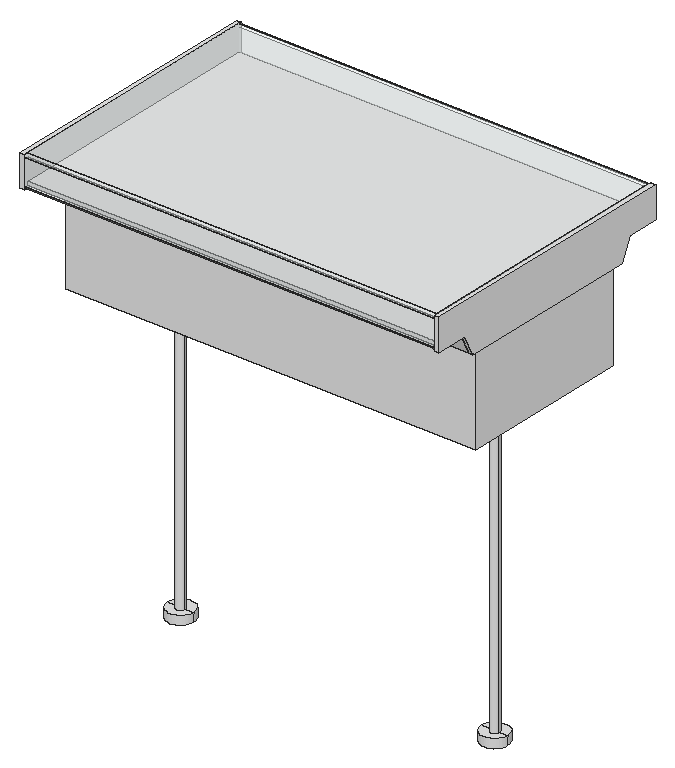
Revit family "LWS", category Lighting Fixtures, host Face, Revit 2012
Parameters (values of type "LWS")
  Watts = 87 W
  Voltage = if(Is 120V, 120 V, 277 V)  # 277 V
  Photometric Web = Web LWS : LWS-40XL-W-EDU
  Pendant Height = 18.000"
  Is 277V = not(Is 120V)  # yes
  Is 120V = no
  Load Classification = Lighting
  Length = 24.000"
  Wattage Comments = "87W-163W"
  URL = "http://www.columbialighting.com/"
  Product Page URL = "http://www.columbialighting.com/products/lws"
  Product Documentation Link = "http://cdn.columbialighting.com/content/products/specs/specs_files/lws.pdf"
  Model = "LWS"  # constant formula
  Manufacturer Phone = "864-678-1000"  # constant formula
  Manufacturer Fax = "866-898-1065"  # constant formula
  Manufacturer = "Columbia Lighting"  # constant formula
  Lamp = "LED Lamp"  # constant formula
  Opal lens = Hubbell - Glass
  Description = "16 inch x 24 inch LED Wrap Suspended High Bay/Low Bay."  # constant formula
  Default Elevation = 48.000"
  Material Finish = Hubbell - Paint - White
  Apparent Load = 87 VA
Reference planes (in)
  plane 1 "Center (Front/Back)": y = 13.01342
  plane 2: z = 0
  plane 3 "Center (Left/Right)": x = 0
  plane 4: x = -12
  plane 5: x = 12
  plane 6: x = -9
  plane 7: x = 9
  plane 8: z = 18
  plane 9: z = 0.5
Forms (in)
  Revolve 1, solid, material "Hubbell - Paint - White" <- "Material Finish"
    sketch origin (0, 13.01342, -0.18589) x (1, 0, 0) y (0, 0, 1)
      loop
        line (9, 0.18589) -> (9.75, 0.18589) -> (9.75, 0.68589) -> (9.25, 0.68589) -> (9.25, 17.93589) -> (9.75, 17.93589) -> (9.75, 18.18589) -> (9, 18.18589) -> (9, 0.18589)
      axis (9, 18.18589) -> (9, 0.18589)
    angle from 0 to 360
  Revolve 2, solid, material "Hubbell - Paint - White" <- "Material Finish"
    sketch origin (0, 13.01342, 0) x (-1, 0, 0) y (0, 0, 1)
      loop
        line (9, 0) -> (9.75, 0) -> (9.75, 0.5) -> (9.25, 0.5) -> (9.25, 17.75) -> (9.75, 17.75) -> (9.75, 18) -> (9, 18) -> (9, 0)
      axis (9, 18) -> (9, 0)
    angle from 0 to 360
Lines and regions (in)
  reference lines
    curve 1: line (8.25, 13.01342, 17.75) -> (9.75, 13.01342, 17.75)
Dimensions and locks (in)
  equal spacing: plane 5, plane 3 "Center (Left/Right)", plane 4
  "Length": plane 5 to plane 4
  locked: plane 5 to plane 7 at 3
  locked: plane 6 to plane 4 at 3
  "Pendant Height": plane 8 to host face
  locked: plane 8 to Revolve 1 sketch curve at 0.25
  locked: plane 8 to Revolve 2 sketch curve at 0.25
  locked: plane 9 to host face at 0.5
  aligned and locked: plane 2 to host face
  aligned and locked: level to host face
  aligned and locked: plane 7 to Revolve 1 sketch curve  (x2)
  aligned and locked: plane 8 to Revolve 1
  aligned and locked: Revolve 2 sketch curve to plane 6
  aligned and locked: plane 8 to Revolve 2 sketch curve
  aligned and locked: host face to Revolve 2 sketch curve
  aligned and locked: nested 1 to plane 3 "Center (Left/Right)"
  aligned and locked: nested 1 to plane 1 "Center (Front/Back)"
  aligned and locked: Revolve 1 sketch curve to host face
  aligned and locked: nested 2 to nested 1  (x2)
  aligned and locked: plane 9 to Revolve 1
  aligned and locked: Revolve 2 sketch curve to plane 9
Automatic sketch dimensions
  host sketch curve to host sketch curve = 96.000"  (x2)
  plane 8 to curve 1 = 0.250"
  plane 7 to curve 1 = 0.750"
  curve 1 to plane 7 = 0.750"
  Revolve 1 sketch curve to plane 8 = 0.000"
  Revolve 1 sketch curve to Revolve 1 sketch curve = 0.250"
  Revolve 1 sketch curve to Revolve 1 sketch curve = 0.500"  (x2)
  Revolve 1 sketch curve to Revolve 1 sketch curve = 6.000"
  Revolve 1 sketch curve to Revolve 1 sketch curve = 8.750"
  Revolve 1 sketch curve to Revolve 1 sketch curve = 0.750"
  Revolve 2 sketch curve to plane 6 = 0.000"
  plane 6 to Revolve 2 sketch curve = 0.250"
  Revolve 2 sketch curve to Revolve 2 sketch curve = 0.500"  (x2)
  Revolve 2 sketch curve to Revolve 2 sketch curve = 6.000"
  Revolve 2 sketch curve to Revolve 2 sketch curve = 8.750"
Nested families (in)
  nested 1: "LWS Fixture" at (-2.04767, 13.05341, 18) x (-1, 0, 0) z (0, 0, 1), Glass <- "Opal lens", Backbox <- "Material Finish", Row Length <- "Length", type "LWS Fixture"
    with Row Length 24.000", Glass Hubbell - Glass, Backbox Hubbell - Paint - White
  nested 2: "Web LWS" at (0.03999, 13.25238, 24.72917) x (0, 1, 0) z (0, 0, 1), type <- "Photometric Web", type "LWS-40XL-W-EDU"
Connectors (in)
  electrical at (-9, 13.01342, 0), driven by "Voltage", driven by "Apparent Load", driven by "Load Classification"
    settings: on Revolve 2, index 1, voltage 277 V, apparent load 87 VA, apparent load phase1 0 VA, apparent load phase2 0 VA, apparent load phase3 0 VA, power factor 1, load classification "Lighting", number of poles 1, system type 30, power factor state 1, is connector primary yes, connector utility no, sub classification motor no, connector description "Lighting Connector"
Definition of nested family "LWS Fixture"
  Parameters (values of type "LWS Light")
    Wattage Comments = ""
    URL = ""
    Row Length [instance] = 24.000"
    Product Page URL = ""
    Product Documentation Link = ""
    Model = ""
    Manufacturer Phone = "(864)-678-1000"  # constant formula
    Manufacturer Fax = "(866)-898-1065"  # constant formula
    Manufacturer = ""
    Lamp = ""
    Glass [instance] = none
    Description = ""
    Default Elevation = 48.000"
    Backbox [instance] = none
  Reference planes (in)
    plane 1 "Center (Front/Back)": y = 0.03999
    plane 2: z = 0
    plane 3 "Center (Left/Right)": x = -2.04767
    plane 4: x = -14.04767
    plane 5: x = 9.95233
    plane 6: x = -13.79767
    plane 7: x = 9.70233
    plane 8: z = 3
    plane 9: y = 5.03999
    plane 10: y = -4.96001
    plane 11: z = 1.375
    plane 12: z = 1.1875
    plane 13: y = -4.77251
    plane 14: z = 2.8125
    plane 15: y = 4.85249
    plane 16: y = 4.35249
    plane 17: y = -4.27251
    plane 18: z = 8.16667
    plane 19: y = -7.71001
    plane 20: y = 7.78999
    plane 21: y = 7.60249
    plane 22: y = -7.52251
    plane 23: y = 6.72749
    plane 24: y = -6.64751
  Forms (in)
    Extrusion 1, solid
      sketch origin (0, 0, 0.06357) x (1, 0, 0) y (0, 1, 0)
        loop
          line (-48, 48) -> (-48, -48) -> (48, -48) -> (48, 48) -> (-48, 48)
      from -0.06357 to -6.06357
    Extrusion 2, solid, material <- "Backbox"
      sketch origin (-2.04767, 0, 5.16667) x (0, 1, 0) y (0, 0, 1)
        loop
          line (7.78999, 3) -> (-7.71001, 3) -> (-7.71001, 1.1875) -> (-5.84133, 1.1875) -> (-5.28759, 0) -> (5.36757, 0) -> (5.92131, 1.1875) -> (7.78999, 1.1875) -> (7.78999, 3)
      from -11.75 to -12
    Extrusion 3, solid, material <- "Glass"
      sketch origin (-2.04767, 0, 5.16667) x (0, 1, 0) y (0, 0, 1)
        loop
          line (6.72749, 1.1875) -> (7.63374, 1.1875)
          arc (7.63374, 1.1875) -> (7.74423, 1.23326) -> (7.78999, 1.34375) r 0.15625
          line (7.78999, 1.34375) -> (7.78999, 2.84375)
          arc (7.78999, 2.84375) -> (7.74423, 2.95424) -> (7.63374, 3) r 0.15625
          line (7.63374, 3) -> (-7.55501, 3)
          arc (-7.55501, 3) -> (-7.66461, 2.9546) -> (-7.71001, 2.845) r 0.155
          line (-7.71001, 2.845) -> (-7.71001, 1.34375)
          arc (-7.71001, 1.34375) -> (-7.66424, 1.23326) -> (-7.55376, 1.1875) r 0.15625
          line (-7.55376, 1.1875) -> (-6.64751, 1.1875) -> (-6.64751, 1.375) -> (-7.52251, 1.375) -> (-7.52251, 2.8125) -> (7.60249, 2.8125) -> (7.60249, 1.375) -> (6.72749, 1.375) -> (6.72749, 1.1875)
      from -11.75 to 11.75
    Extrusion 4, solid, material <- "Backbox"
      sketch origin (-2.04767, 0, 5.16667) x (0, 1, 0) y (0, 0, 1)
        loop
          line (7.60249, 1.375) -> (7.60249, 1.5625) -> (-7.52251, 1.5625) -> (-7.52251, 1.375) -> (-5.92876, 1.375) -> (-5.28759, 0) -> (5.36757, 0) -> (6.00874, 1.375) -> (7.60249, 1.375)
      from -11.75 to 11.75
    Extrusion 5, solid, material <- "Backbox"
      sketch origin (-2.04767, 0, 5.16667) x (0, 1, 0) y (0, 0, -1)
        loop
          line (7.78999, -3) -> (7.78999, -1.1875) -> (5.92131, -1.1875) -> (5.36757, 0) -> (-5.28759, 0) -> (-5.84133, -1.1875) -> (-7.71001, -1.1875) -> (-7.71001, -3) -> (7.78999, -3)
      from -11.75 to -12
    Extrusion 6, solid, material <- "Backbox"
      sketch origin (-2.04767, 0, 0) x (0, 1, 0) y (0, 0, 1)
        loop
          line (4.85249, 5.16667) -> (-4.96001, 5.16667) -> (-4.96001, 0) -> (4.85249, 0) -> (4.85249, 5.16667)
      from -11.75 to 11.75
  Dimensions and locks (in)
    equal spacing: plane 5, plane 3 "Center (Left/Right)", plane 4
    locked: plane 6 to plane 4 at 0.25
    "Row Length": plane 5 to plane 4
    equal spacing: plane 7, plane 3 "Center (Left/Right)", plane 6
    plane 8 to level = 3.000"
    plane 9 to plane 10 = 10.000"
    plane 9 to plane 1 "Center (Front/Back)" to plane 10 = 5.000", 5.000"
    locked: plane 9 to plane 16 at 0.6875
    locked: plane 17 to plane 10 at 0.6875
    plane 18 to Extrusion 1 = 8.16667"
    Extrusion 3 to Extrusion 3 = 15.500"
    equal spacing: Extrusion 3, plane 1 "Center (Front/Back)", plane 19
    aligned and locked: plane 2 to Extrusion 1
    aligned and locked: level to Extrusion 1
    aligned and locked: plane 7 to Extrusion 4
    aligned and locked: Extrusion 4 to plane 6
    aligned and locked: Extrusion 2 to plane 4
    aligned and locked: plane 6 to Extrusion 2
    aligned and locked: Extrusion 4 sketch curve to Extrusion 3  (x2)
    aligned and locked: Extrusion 2 to Extrusion 4 sketch curve
    aligned and locked: Extrusion 3 sketch curve to plane 20
    aligned and locked: plane 21 to Extrusion 3 sketch curve
    aligned and locked: plane 23 to Extrusion 3 sketch curve
    aligned and locked: Extrusion 3 sketch curve to plane 19
    aligned and locked: plane 22 to Extrusion 3 sketch curve
    aligned and locked: plane 24 to Extrusion 3 sketch curve
    aligned and locked: plane 5 to Extrusion 5
    aligned and locked: Extrusion 5 to plane 7
    aligned and locked: Extrusion 4 sketch curve to Extrusion 2  (x2)
    aligned and locked: Extrusion 6 sketch curve to Extrusion 2
    aligned and locked: Extrusion 6 sketch curve to plane 15
    aligned and locked: Extrusion 6 sketch curve to level
    aligned and locked: plane 10 to Extrusion 6 sketch curve
    aligned and locked: plane 7 to Extrusion 6
    aligned and locked: Extrusion 6 to plane 6
    aligned and locked: Extrusion 3 to plane 6
    aligned and locked: plane 7 to Extrusion 3
    aligned and locked: Extrusion 2 sketch curve to Extrusion 3  (x5)
    aligned and locked: Extrusion 5 sketch curve to Extrusion 2
  Automatic sketch dimensions
    Extrusion 1 sketch curve to Extrusion 1 sketch curve = 96.000"  (x2)
    Extrusion 2 sketch curve to plane 24 = 0.80618"
    plane 10 to Extrusion 2 sketch curve = 0.32758"
    Extrusion 2 sketch curve to plane 9 = 0.32758"
    Extrusion 2 sketch curve to plane 23 = 0.80618"
    Extrusion 2 sketch curve to Extrusion 2 sketch curve = 1.1875"
    Extrusion 3 sketch curve to plane 18 = 0.000"
    plane 22 to Extrusion 3 sketch curve = 0.0325"
    plane 22 to Extrusion 3 sketch curve = 0.03125"
    plane 21 to Extrusion 3 sketch curve = 0.03125"  (x2)
    Extrusion 3 sketch curve to Extrusion 3 sketch curve = 0.0325"
    Extrusion 3 sketch curve to plane 18 = 1.625"
    Extrusion 3 sketch curve to Extrusion 3 sketch curve = 1.4375"
    Extrusion 3 sketch curve to Extrusion 3 sketch curve = 0.03125"  (x2)
    Extrusion 4 sketch curve to plane 22 = 0.000"
    Extrusion 4 sketch curve to plane 21 = 0.000"
    Extrusion 4 sketch curve to Extrusion 4 sketch curve = 0.1875"
    plane 22 to Extrusion 5 sketch curve = 0.1875"
    plane 21 to Extrusion 5 sketch curve = 0.1875"
    Extrusion 5 sketch curve to plane 24 = 0.80618"
    plane 10 to Extrusion 5 sketch curve = 0.32758"
    Extrusion 5 sketch curve to plane 9 = 0.32758"
    Extrusion 5 sketch curve to plane 23 = 0.80618"
    Extrusion 5 sketch curve to plane 18 = 0.000"
    Extrusion 5 sketch curve to plane 18 = 1.8125"
    Extrusion 5 sketch curve to Extrusion 5 sketch curve = 1.1875"
Definition of nested family "Web LWS"
  Parameters (values of type "LWS-30HL-AD-EDU-SFA")
    Wattage Comments = ""
    Wattage = 110 W
    built-in parameter 1150110 = 1 (stored number, unit not read)
    Voltage = 6 V
    URL = ""
    built-in parameter 1114217 = 1 (stored number, unit not read)
    Tilt Angle = 90.00°  # constant formula
    built-in parameter 1150109 = 1 (stored number, unit not read)
    built-in parameter 1150134 = (empty or 0)
    built-in parameter 1150113 = 1 (stored number, unit not read)
    Product Page URL = ""
    Product Documentation Link = ""
    Photometric Web File = "LWS-30HL-AD-EDU-SFA.ies"
    Model = ""
    Manufacturer Phone = ""
    Manufacturer Fax = ""
    Manufacturer = ""
    built-in parameter 1150105 = -61838562.5 (stored number, unit not read)
    Lumens = 8937.5 lm
    built-in parameter 1150115 = 1 (stored number, unit not read)
    built-in parameter 1150137 = (empty or 0)
    built-in parameter 1150139 = (empty or 0)
    built-in parameter 1150112 = 1 (stored number, unit not read)
    built-in parameter 1150114 = 1 (stored number, unit not read)
    Lamp = ""
    built-in parameter 1150132 = (empty or 0)
    built-in parameter 1150102 = (empty or 0)
    built-in parameter 1150107 = 3000 (stored number, unit not read)
    built-in parameter 1150138 = (empty or 0)
    built-in parameter 1150106 = -618385.6 (stored number, unit not read)
    Emit from Rectangle Width = 15.000"  # constant formula
    Emit from Rectangle Length = 23.500"  # constant formula
    Emit Shape Visible in Rendering = no
    built-in parameter 1150104 = 7.5484 (stored number, unit not read)
    Dimming Lamp Color Temperature Shift = (empty or 0)
    Description = ""
    Default Elevation = 48.000"
    Color Filter = 16777215
    built-in parameter 1114218 = 1 (stored number, unit not read)
    built-in parameter 1150133 = 10 (stored number, unit not read)
    Apparent Load = 5.4 VA
  Types (13): name | Voltage | built-in parameter 1150134 | Photometric Web File | built-in parameter 1150105 | built-in parameter 1150107 | built-in parameter 1150106
    LWS-30HL-AD-EDU-SFA | 6 V | (empty or 0) | "LWS-30HL-AD-EDU-SFA.ies" | -61838562.5 (stored number, unit not read) | 3000 (stored number, unit not read) | -618385.6 (stored number, unit not read)
    LWS-30LW-AD-EDU-SFA | 6 V | (empty or 0) | "LWS-30LW-AD-EDU-SFA.ies" | -55144375 (stored number, unit not read) | 3000 (stored number, unit not read) | -551443.8 (stored number, unit not read)
    LWS-30ML-AC-EDU-SFA | 6 V | (empty or 0) | "LWS-30ML-AC-EDU-SFA.ies" | -64215937.5 (stored number, unit not read) | 3000 (stored number, unit not read) | -642159.4 (stored number, unit not read)
    LWS-30ML-AD-EDU | 6 V | (empty or 0) | "LWS-30ML-AD-EDU.ies" | -65502937.5 (stored number, unit not read) | 3000 (stored number, unit not read) | -655029.4 (stored number, unit not read)
    LWS-30VL-AD-EDU-SFA | 6 V | (empty or 0) | "LWS-30VL-AD-EDU-SFA.ies" | -75924062.5 (stored number, unit not read) | 3000 (stored number, unit not read) | -759240.6 (stored number, unit not read)
    LWS-30XL-AC-EDU | 6 V | (empty or 0) | "LWS-30XL-AC-EDU.ies" | -131935375 (stored number, unit not read) | 3000 (stored number, unit not read) | -1319353.8 (stored number, unit not read)
    LWS-30XL-AC-EDU-SFA | 6 V | (empty or 0) | "LWS-30XL-AC-EDU-SFA.ies" | -97722625 (stored number, unit not read) | 3000 (stored number, unit not read) | -977226.2 (stored number, unit not read)
    LWS-30XL-W-EDU | 6 V | (empty or 0) | "LWS-30XL-W-EDU.ies" | -56663750 (stored number, unit not read) | 3000 (stored number, unit not read) | -566637.5 (stored number, unit not read)
    LWS-40XL-W-EDU | 6 V | 12 | "LWS-40XL-W-EDU.ies" | -58942812.5 (stored number, unit not read) | 4000 (stored number, unit not read) | -589428.1 (stored number, unit not read)
    LWS-50XL-AC-EDU | 120 V | 2 | "LWS-50XL-AC-EDU.ies" | -136877812.5 (stored number, unit not read) | 5000 (stored number, unit not read) | -1368778.1 (stored number, unit not read)
    LWS-50XL-AC-EDU-SFA | 6 V | 12 | "LWS-50XL-AC-EDU-SFA.ies" | -101789187.5 (stored number, unit not read) | 4000 (stored number, unit not read) | -1017891.9 (stored number, unit not read)
    LWS-50XL-AD-EDU-SFA | 6 V | 2 | "LWS-50XL-AD-EDU-SFA.ies" | -87730500 (stored number, unit not read) | 5000 (stored number, unit not read) | -877305 (stored number, unit not read)
    LWS-50XL-W-EDU-SFA | 6 V | 2 | "LWS-50XL-W-EDU-SFA.ies" | -58630000 (stored number, unit not read) | 5000 (stored number, unit not read) | -586300 (stored number, unit not read)
  Reference planes (in)
    plane 1 "Center (Front/Back)": y = 0.03999
    plane 2: z = 0
    plane 3 "Center (Left/Right)": x = -0.23896
  Forms (in)
    Extrusion 1, solid
      sketch origin (0, 0, 0.06357) x (1, 0, 0) y (0, 1, 0)
        loop
          line (-48, 48) -> (-48, -48) -> (48, -48) -> (48, 48) -> (-48, 48)
      from -0.06357 to -6.74357
  Lines and regions (in)
    reference lines
      curve 1: line (-0.23896, 0.03999, 18.11448) -> (-0.23896, 0.03999, -22.88552)
      curve 2: line (-0.23896, 0.03999, 34) -> (-0.23896, 0.03999, -22.88552)
  Dimensions and locks (in)
    aligned and locked: plane 2 to Extrusion 1
    aligned and locked: level to Extrusion 1
    aligned and locked: curve 1 to plane 3 "Center (Left/Right)"
    aligned and locked: plane 1 "Center (Front/Back)" to curve 2
    aligned and locked: imposter light to plane 1 "Center (Front/Back)"
